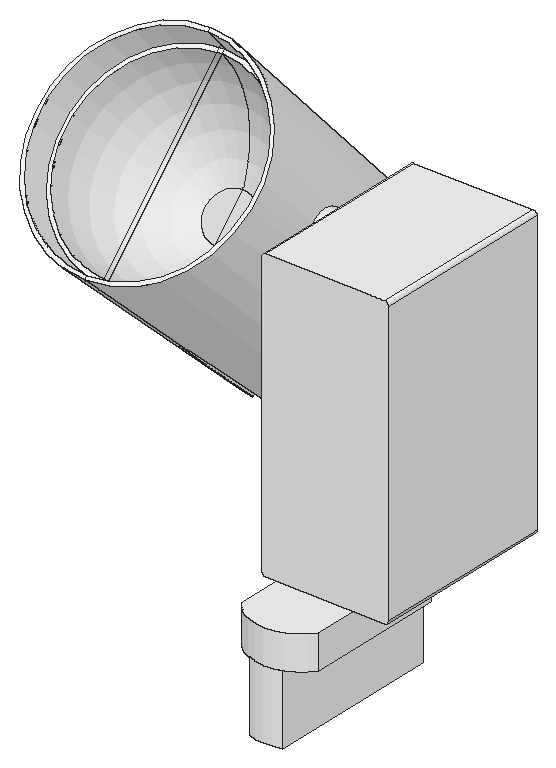
Revit family "0004924 Feilo Sylvania Lighting Fixture START TRACK SPOT S DALI 1262LM 930 WB WHT", category Lighting Fixtures, host Face, Revit 2017 (continued)
Definition of nested family "Start Track Spot Head"
  Types (96, lengths in mm): name | Wattage | built-in parameter 1150134 | Photometric Web File | Model | built-in parameter 1150105 | Lumens | built-in parameter 1150107 | built-in parameter 1150106 | HeadThickness_FEILO | HeadRibOffset_FEILO | HeadRibDepth_FEILO | HeadRibCutWidth_FEILO | HeadRibCutOffset_FEILO | HeadReflectorRadius_FEILO | HeadReflectorOffset_FEILO | HeadLEDRadius_FEILO | HeadHeight_FEILO | HeadDiffusorOffset_FEILO | HeadDiaOut_FEILO | HeadDiaIn_FEILO | HeadAxisFromTop_FEILO | Emit from Circle Diameter | built-in parameter 1150104 | Description | Apparent Load
    0004864 START TRACK SPOT S 24W 3K RA90 WB WHITE | 24 W | (empty or 0) | "0004864.ies" | "START TRACK SPOT S 24W 3K RA90 WB WHITE" | 152.79 (stored number, unit not read) | 1920 lm | 3000 (stored number, unit not read) | 1.5279 (stored number, unit not read) | 1.5 | 4.179 | 55.714 | 7.167 | 50.87 | 50.588 | 55.714 | 9.556 | 117 | 9.435 | 86 | 77.477 | 69.354 | 77.477 | 7.4322 (stored number, unit not read) | "Integrated LED spotlight, Textured White - RAL9016, compact and minimalist design, ideal for retail applications, die-cast aluminium body, passive cooling heatsink. Beam angle: 64°, color temperature: 3000K , total system power: 24W, total fixture output: 1928 lm, LOR: 100%, colour rendering: Ra: 90 typical, LED Chromaticity: 3 step MacAdam ellipse, lifetime: >50000 hours at L70B50, energy class: A++, A+, A, IR/UV free light source without heat radiation, operating voltage: 220-240V / 50-60Hz, drive current: 600mA, electronic driver, non-dimmable, power factor: 0.95, electrical protection: Class II, Global Track 3 Phase adapter suitable for Global trac 3-circuit tracks, ingress protection rating: IP20, suitable for internal environment only, horizontal rotation: 355°, vertical tilt: 90°, dimensions: Ø86x140x200, weight: 0.966kg." | 24 VA
    0004863 START TRACK SPOT S 24W 3K RA90 MB WHITE | 24 W | (empty or 0) | "0004863.ies" | "START TRACK SPOT S 24W 3K RA90 MB WHITE" | 154.7 (stored number, unit not read) | 1944 lm | 3000 (stored number, unit not read) | 1.547 (stored number, unit not read) | 1.5 | 4.179 | 55.714 | 7.167 | 50.87 | 50.588 | 55.714 | 9.556 | 117 | 9.435 | 86 | 77.477 | 69.354 | 77.477 | 7.5251 (stored number, unit not read) | "Integrated LED spotlight, Textured White - RAL9016, compact and minimalist design, ideal for retail applications, die-cast aluminium body, passive cooling heatsink. Beam angle: 36°, color temperature: 3000K , total system power: 24W, total fixture output: 1944 lm, LOR: 100%, colour rendering: Ra: 90 typical, LED Chromaticity: 3 step MacAdam ellipse, lifetime: >50000 hours at L70B50, energy class: A++, A+, A, IR/UV free light source without heat radiation, operating voltage: 220-240V / 50-60Hz, drive current: 600mA, electronic driver, non-dimmable, power factor: 0.95, electrical protection: Class II, Global Track 3 Phase adapter suitable for Global trac 3-circuit tracks, ingress protection rating: IP20, suitable for internal environment only, horizontal rotation: 355°, vertical tilt: 90°, dimensions: Ø86x140x200, weight: 0.966kg." | 24 VA
    0004862 START TRACK SPOT S 24W 3K RA90 NB WHITE | 24 W | (empty or 0) | "0004862.ies" | "START TRACK SPOT S 24W 3K RA90 NB WHITE" | 158.52 (stored number, unit not read) | 1992 lm | 3000 (stored number, unit not read) | 1.5852 (stored number, unit not read) | 1.5 | 4.179 | 55.714 | 7.167 | 50.87 | 50.588 | 55.714 | 9.556 | 117 | 9.435 | 86 | 77.477 | 69.354 | 77.477 | 7.711 (stored number, unit not read) | "Integrated LED spotlight, Textured White - RAL9016, compact and minimalist design, ideal for retail applications, die-cast aluminium body, passive cooling heatsink. Beam angle: 12°, color temperature: 3000K , total system power: 24W, total fixture output: 1987 lm, LOR: 100%, colour rendering: Ra: 90 typical, LED Chromaticity: 3 step MacAdam ellipse, lifetime: >50000 hours at L70B50, energy class: A++, A+, A, IR/UV free light source without heat radiation, operating voltage: 220-240V / 50-60Hz, drive current: 600mA, electronic driver, non-dimmable, power factor: 0.95, electrical protection: Class II, Global Track 3 Phase adapter suitable for Global trac 3-circuit tracks, ingress protection rating: IP20, suitable for internal environment only, horizontal rotation: 355°, vertical tilt: 90°, dimensions: Ø86x140x200, weight: 0.966kg." | 24 VA
    0004861 START TRACK SPOT S 14W 3K RA90 WB WHITE | 14 W | (empty or 0) | "0004861.ies" | "START TRACK SPOT S 14W 3K RA90 WB WHITE" | 100.27 (stored number, unit not read) | 1260 lm | 3000 (stored number, unit not read) | 1.0027 (stored number, unit not read) | 1.5 | 4.179 | 55.714 | 7.167 | 50.87 | 50.588 | 55.714 | 9.556 | 117 | 9.435 | 86 | 77.477 | 69.354 | 77.477 | 8.3613 (stored number, unit not read) | "Integrated LED spotlight, Textured White - RAL9016, compact and minimalist design, ideal for retail applications, die-cast aluminium body, passive cooling heatsink. Beam angle: 64°, color temperature: 3000K , total system power: 14W, total fixture output: 1262 lm, LOR: 100%, colour rendering: Ra: 90 typical, LED Chromaticity: 3 step MacAdam ellipse, lifetime: >50000 hours at L70B50, energy class: A++, A+, A, IR/UV free light source without heat radiation, operating voltage: 220-240V / 50-60Hz, drive current: 350mA, electronic driver, non-dimmable, power factor: 0.92, electrical protection: Class II, Global Track 3 Phase adapter suitable for Global trac 3-circuit tracks, ingress protection rating: IP20, suitable for internal environment only, horizontal rotation: 355°, vertical tilt: 90°, dimensions: Ø86x140x200, weight: 0.940kg." | 14 VA
    0004860 START TRACK SPOT S 14W 3K RA90 MB WHITE | 14 W | (empty or 0) | "0004860.ies" | "START TRACK SPOT S 14W 3K RA90 MB WHITE" | 100.27 (stored number, unit not read) | 1260 lm | 3000 (stored number, unit not read) | 1.0027 (stored number, unit not read) | 1.5 | 4.179 | 55.714 | 7.167 | 50.87 | 50.588 | 55.714 | 9.556 | 117 | 9.435 | 86 | 77.477 | 69.354 | 77.477 | 8.3613 (stored number, unit not read) | "Integrated LED spotlight, Textured White - RAL9016, compact and minimalist design, ideal for retail applications, die-cast aluminium body, passive cooling heatsink. Beam angle: 36°, color temperature: 3000K , total system power: 14W, total fixture output: 1262 lm, LOR: 100%, colour rendering: Ra: 90 typical, LED Chromaticity: 3 step MacAdam ellipse, lifetime: >50000 hours at L70B50, energy class: A++, A+, A, IR/UV free light source without heat radiation, operating voltage: 220-240V / 50-60Hz, drive current: 350mA, electronic driver, non-dimmable, power factor: 0.92, electrical protection: Class II, Global Track 3 Phase adapter suitable for Global trac 3-circuit tracks, ingress protection rating: IP20, suitable for internal environment only, horizontal rotation: 355°, vertical tilt: 90°, dimensions: Ø86x140x200, weight: 0.940kg." | 14 VA
    0004859 START TRACK SPOT S 14W 3K RA90 NB WHITE | 14 W | (empty or 0) | "0004859.ies" | "START TRACK SPOT S 14W 3K RA90 NB WHITE" | 102.5 (stored number, unit not read) | 1288 lm | 3000 (stored number, unit not read) | 1.025 (stored number, unit not read) | 1.5 | 4.179 | 55.714 | 7.167 | 50.87 | 50.588 | 55.714 | 9.556 | 117 | 9.435 | 86 | 77.477 | 69.354 | 77.477 | 8.5471 (stored number, unit not read) | "Integrated LED spotlight, Textured White - RAL9016, compact and minimalist design, ideal for retail applications, die-cast aluminium body, passive cooling heatsink. Beam angle: 12°, color temperature: 3000K , total system power: 14W, total fixture output: 1284 lm, LOR: 100%, colour rendering: Ra: 90 typical, LED Chromaticity: 3 step MacAdam ellipse, lifetime: >50000 hours at L70B50, energy class: A++, A+, A, IR/UV free light source without heat radiation, operating voltage: 220-240V / 50-60Hz, drive current: 350mA, electronic driver, non-dimmable, power factor: 0.92, electrical protection: Class II, Global Track 3 Phase adapter suitable for Global trac 3-circuit tracks, ingress protection rating: IP20, suitable for internal environment only, horizontal rotation: 355°, vertical tilt: 90°, dimensions: Ø86x140x200, weight: 0.940kg." | 14 VA
    0004858 START TRACK SPOT L 55W 4K RA80 WB BLACK | 55 W | 12 | "0004858.ies" | "START TRACK SPOT L 55W 4K RA80 WB BLACK" | 424.55 (stored number, unit not read) | 5335 lm | 4000 (stored number, unit not read) | 4.2455 (stored number, unit not read) | 2 | 4.429 | 59.048 | 9.417 | 53.913 | 66.471 | 59.048 | 12.556 | 124 | 10 | 113 | 101.802 | 73.503 | 101.802 | 9.0116 (stored number, unit not read) | "Integrated LED spotlight, Textured Black - RAL9005, compact and minimalist design, ideal for retail applications, die-cast aluminium body, passive cooling heatsink. Beam angle: 52°, color temperature: 4000K , total system power: 55W, total fixture output: 5320 lm, LOR: 100%, colour rendering: Ra: 80 typical, LED Chromaticity: 3 step MacAdam ellipse, lifetime: >50000 hours at L70B50, energy class: A++, A+, A, IR/UV free light source without heat radiation, operating voltage: 220-240V / 50-60Hz, drive current: 1400mA, electronic driver, non-dimmable, power factor: 0.96, electrical protection: Class II, Global Track 3 Phase adapter suitable for Global trac 3-circuit tracks, ingress protection rating: IP20, suitable for internal environment only, horizontal rotation: 355°, vertical tilt: 90°, dimensions: Ø113x164x240, weight: 1.398kg." | 55 VA
    0004857 START TRACK SPOT L 55W 4K RA80 MB BLACK | 55 W | 12 | "0004857.ies" | "START TRACK SPOT L 55W 4K RA80 MB BLACK" | 428.92 (stored number, unit not read) | 5390 lm | 4000 (stored number, unit not read) | 4.2892 (stored number, unit not read) | 2 | 4.429 | 59.048 | 9.417 | 53.913 | 66.471 | 59.048 | 12.556 | 124 | 10 | 113 | 101.802 | 73.503 | 101.802 | 9.1045 (stored number, unit not read) | "Integrated LED spotlight, Textured Black - RAL9005, compact and minimalist design, ideal for retail applications, die-cast aluminium body, passive cooling heatsink. Beam angle: 38°, color temperature: 4000K , total system power: 55W, total fixture output: 5378 lm, LOR: 100%, colour rendering: Ra: 80 typical, LED Chromaticity: 3 step MacAdam ellipse, lifetime: >50000 hours at L70B50, energy class: A++, A+, A, IR/UV free light source without heat radiation, operating voltage: 220-240V / 50-60Hz, drive current: 1400mA, electronic driver, non-dimmable, power factor: 0.96, electrical protection: Class II, Global Track 3 Phase adapter suitable for Global trac 3-circuit tracks, ingress protection rating: IP20, suitable for internal environment only, horizontal rotation: 355°, vertical tilt: 90°, dimensions: Ø113x164x240, weight: 1.398kg." | 55 VA
    0004856 START TRACK SPOT L 55W 4K RA80 NB BLACK | 55 W | 12 | "0004856.ies" | "START TRACK SPOT L 55W 4K RA80 NB BLACK" | 433.3 (stored number, unit not read) | 5445 lm | 4000 (stored number, unit not read) | 4.333 (stored number, unit not read) | 2 | 4.429 | 59.048 | 9.417 | 53.913 | 66.471 | 59.048 | 12.556 | 124 | 10 | 113 | 101.802 | 73.503 | 101.802 | 9.1974 (stored number, unit not read) | "Integrated LED spotlight, Textured Black - RAL9005, compact and minimalist design, ideal for retail applications, die-cast aluminium body, passive cooling heatsink. Beam angle: 15°, color temperature: 4000K , total system power: 55W, total fixture output: 5426 lm, LOR: 100%, colour rendering: Ra: 80 typical, LED Chromaticity: 3 step MacAdam ellipse, lifetime: >50000 hours at L70B50, energy class: A++, A+, A, IR/UV free light source without heat radiation, operating voltage: 220-240V / 50-60Hz, drive current: 1400mA, electronic driver, non-dimmable, power factor: 0.96, electrical protection: Class II, Global Track 3 Phase adapter suitable for Global trac 3-circuit tracks, ingress protection rating: IP20, suitable for internal environment only, horizontal rotation: 355°, vertical tilt: 90°, dimensions: Ø113x164x240, weight: 1.398kg." | 55 VA
    0004855 START TRACK SPOT L 35W 4K RA80 WB BLACK | 35 W | 12 | "0004855.ies" | "START TRACK SPOT L 35W 4K RA80 WB BLACK" | 320.3 (stored number, unit not read) | 4025 lm | 4000 (stored number, unit not read) | 3.203 (stored number, unit not read) | 2 | 4.429 | 59.048 | 9.417 | 53.913 | 66.471 | 59.048 | 12.556 | 124 | 10 | 113 | 101.802 | 73.503 | 101.802 | 10.684 (stored number, unit not read) | "Integrated LED spotlight, Textured Black - RAL9005, compact and minimalist design, ideal for retail applications, die-cast aluminium body, passive cooling heatsink. Beam angle: 52°, color temperature: 4000K , total system power: 35W, total fixture output: 4010 lm, LOR: 100%, colour rendering: Ra: 80 typical, LED Chromaticity: 3 step MacAdam ellipse, lifetime: >50000 hours at L70B50, energy class: A++, A+, A, IR/UV free light source without heat radiation, operating voltage: 220-240V / 50-60Hz, drive current: 900mA, electronic driver, non-dimmable, power factor: 0.93, electrical protection: Class II, Global Track 3 Phase adapter suitable for Global trac 3-circuit tracks, ingress protection rating: IP20, suitable for internal environment only, horizontal rotation: 355°, vertical tilt: 90°, dimensions: Ø113x164x240, weight: 1.368kg." | 35 VA
    0004854 START TRACK SPOT L 35W 4K RA80 MB BLACK | 35 W | 12 | "0004854.ies" | "START TRACK SPOT L 35W 4K RA80 MB BLACK" | 320.3 (stored number, unit not read) | 4025 lm | 4000 (stored number, unit not read) | 3.203 (stored number, unit not read) | 2 | 4.429 | 59.048 | 9.417 | 53.913 | 66.471 | 59.048 | 12.556 | 124 | 10 | 113 | 101.802 | 73.503 | 101.802 | 10.684 (stored number, unit not read) | "Integrated LED spotlight, Textured Black - RAL9005, compact and minimalist design, ideal for retail applications, die-cast aluminium body, passive cooling heatsink. Beam angle: 38°, color temperature: 4000K , total system power: 35W, total fixture output: 4017 lm, LOR: 100%, colour rendering: Ra: 80 typical, LED Chromaticity: 3 step MacAdam ellipse, lifetime: >50000 hours at L70B50, energy class: A++, A+, A, IR/UV free light source without heat radiation, operating voltage: 220-240V / 50-60Hz, drive current: 900mA, electronic driver, non-dimmable, power factor: 0.93, electrical protection: Class II, Global Track 3 Phase adapter suitable for Global trac 3-circuit tracks, ingress protection rating: IP20, suitable for internal environment only, horizontal rotation: 355°, vertical tilt: 90°, dimensions: Ø113x164x240, weight: 1.368kg." | 35 VA
    0004853 START TRACK SPOT L 35W 4K RA80 NB BLACK | 35 W | 12 | "0004853.ies" | "START TRACK SPOT L 35W 4K RA80 NB BLACK" | 331.44 (stored number, unit not read) | 4165 lm | 4000 (stored number, unit not read) | 3.3144 (stored number, unit not read) | 2 | 4.429 | 59.048 | 9.417 | 53.913 | 66.471 | 59.048 | 12.556 | 124 | 10 | 113 | 101.802 | 73.503 | 101.802 | 11.055 (stored number, unit not read) | "Integrated LED spotlight, Textured Black - RAL9005, compact and minimalist design, ideal for retail applications, die-cast aluminium body, passive cooling heatsink. Beam angle: 15°, color temperature: 4000K , total system power: 35W, total fixture output: 4174 lm, LOR: 100%, colour rendering: Ra: 80 typical, LED Chromaticity: 3 step MacAdam ellipse, lifetime: >50000 hours at L70B50, energy class: A++, A+, A, IR/UV free light source without heat radiation, operating voltage: 220-240V / 50-60Hz, drive current: 900mA, electronic driver, non-dimmable, power factor: 0.93, electrical protection: Class II, Global Track 3 Phase adapter suitable for Global trac 3-circuit tracks, ingress protection rating: IP20, suitable for internal environment only, horizontal rotation: 355°, vertical tilt: 90°, dimensions: Ø113x164x240, weight: 1.368kg." | 35 VA
    0004852 START TRACK SPOT S 24W 4K RA80 WB BLACK | 24 W | 12 | "0004852.ies" | "START TRACK SPOT S 24W 4K RA80 WB BLACK" | 196.72 (stored number, unit not read) | 2472 lm | 4000 (stored number, unit not read) | 1.9672 (stored number, unit not read) | 1.5 | 4.179 | 55.714 | 7.167 | 50.87 | 50.588 | 55.714 | 9.556 | 117 | 9.435 | 86 | 77.477 | 69.354 | 77.477 | 9.569 (stored number, unit not read) | "Integrated LED spotlight, Textured Black - RAL9005, compact and minimalist design, ideal for retail applications, die-cast aluminium body, passive cooling heatsink. Beam angle: 64°, color temperature: 4000K , total system power: 24W, total fixture output: 2476 lm, LOR: 100%, colour rendering: Ra: 80 typical, LED Chromaticity: 3 step MacAdam ellipse, lifetime: >50000 hours at L70B50, energy class: A++, A+, A, IR/UV free light source without heat radiation, operating voltage: 220-240V / 50-60Hz, drive current: 600mA, electronic driver, non-dimmable, power factor: 0.95, electrical protection: Class II, Global Track 3 Phase adapter suitable for Global trac 3-circuit tracks, ingress protection rating: IP20, suitable for internal environment only, horizontal rotation: 355°, vertical tilt: 90°, dimensions: Ø86x140x200, weight: 0.966kg." | 24 VA
    0004851 START TRACK SPOT S 24W 4K RA80 MB BLACK | 24 W | 12 | "0004851.ies" | "START TRACK SPOT S 24W 4K RA80 MB BLACK" | 198.63 (stored number, unit not read) | 2496 lm | 4000 (stored number, unit not read) | 1.9863 (stored number, unit not read) | 1.5 | 4.179 | 55.714 | 7.167 | 50.87 | 50.588 | 55.714 | 9.556 | 117 | 9.435 | 86 | 77.477 | 69.354 | 77.477 | 9.6619 (stored number, unit not read) | "Integrated LED spotlight, Textured Black - RAL9005, compact and minimalist design, ideal for retail applications, die-cast aluminium body, passive cooling heatsink. Beam angle: 36°, color temperature: 4000K , total system power: 24W, total fixture output: 2487 lm, LOR: 100%, colour rendering: Ra: 80 typical, LED Chromaticity: 3 step MacAdam ellipse, lifetime: >50000 hours at L70B50, energy class: A++, A+, A, IR/UV free light source without heat radiation, operating voltage: 220-240V / 50-60Hz, drive current: 600mA, electronic driver, non-dimmable, power factor: 0.95, electrical protection: Class II, Global Track 3 Phase adapter suitable for Global trac 3-circuit tracks, ingress protection rating: IP20, suitable for internal environment only, horizontal rotation: 355°, vertical tilt: 90°, dimensions: Ø86x140x200, weight: 0.966kg." | 24 VA
    0004850 START TRACK SPOT S 24W 4K RA80 NB BLACK | 24 W | 12 | "0004850.ies" | "START TRACK SPOT S 24W 4K RA80 NB BLACK" | 200.54 (stored number, unit not read) | 2520 lm | 4000 (stored number, unit not read) | 2.0054 (stored number, unit not read) | 1.5 | 4.179 | 55.714 | 7.167 | 50.87 | 50.588 | 55.714 | 9.556 | 117 | 9.435 | 86 | 77.477 | 69.354 | 77.477 | 9.7548 (stored number, unit not read) | "Integrated LED spotlight, Textured Black - RAL9005, compact and minimalist design, ideal for retail applications, die-cast aluminium body, passive cooling heatsink. Beam angle: 12°, color temperature: 4000K , total system power: 24W, total fixture output: 2529 lm, LOR: 100%, colour rendering: Ra: 80 typical, LED Chromaticity: 3 step MacAdam ellipse, lifetime: >50000 hours at L70B50, energy class: A++, A+, A, IR/UV free light source without heat radiation, operating voltage: 220-240V / 50-60Hz, drive current: 600mA, electronic driver, non-dimmable, power factor: 0.95, electrical protection: Class II, Global Track 3 Phase adapter suitable for Global trac 3-circuit tracks, ingress protection rating: IP20, suitable for internal environment only, horizontal rotation: 355°, vertical tilt: 90°, dimensions: Ø86x140x200, weight: 0.966kg." | 24 VA
    0004849 START TRACK SPOT S 14W 4K RA80 WB BLACK | 14 W | 12 | "0004849.ies" | "START TRACK SPOT S 14W 4K RA80 WB BLACK" | 123.66 (stored number, unit not read) | 1554 lm | 4000 (stored number, unit not read) | 1.2366 (stored number, unit not read) | 1.5 | 4.179 | 55.714 | 7.167 | 50.87 | 50.588 | 55.714 | 9.556 | 117 | 9.435 | 86 | 77.477 | 69.354 | 77.477 | 10.312 (stored number, unit not read) | "Integrated LED spotlight, Textured Black - RAL9005, compact and minimalist design, ideal for retail applications, die-cast aluminium body, passive cooling heatsink. Beam angle: 64°, color temperature: 4000K , total system power: 14W, total fixture output: 1558 lm, LOR: 100%, colour rendering: Ra: 80 typical, LED Chromaticity: 3 step MacAdam ellipse, lifetime: >50000 hours at L70B50, energy class: A++, A+, A, IR/UV free light source without heat radiation, operating voltage: 220-240V / 50-60Hz, drive current: 350mA, electronic driver, non-dimmable, power factor: 0.92, electrical protection: Class II, Global Track 3 Phase adapter suitable for Global trac 3-circuit tracks, ingress protection rating: IP20, suitable for internal environment only, horizontal rotation: 355°, vertical tilt: 90°, dimensions: Ø86x140x200, weight: 0.940kg." | 14 VA
    0004848 START TRACK SPOT S 14W 4K RA80 MB BLACK | 14 W | 12 | "0004848.ies" | "START TRACK SPOT S 14W 4K RA80 MB BLACK" | 127.01 (stored number, unit not read) | 1596 lm | 4000 (stored number, unit not read) | 1.2701 (stored number, unit not read) | 1.5 | 4.179 | 55.714 | 7.167 | 50.87 | 50.588 | 55.714 | 9.556 | 117 | 9.435 | 86 | 77.477 | 69.354 | 77.477 | 10.591 (stored number, unit not read) | "Integrated LED spotlight, Textured Black - RAL9005, compact and minimalist design, ideal for retail applications, die-cast aluminium body, passive cooling heatsink. Beam angle: 36°, color temperature: 4000K , total system power: 14W, total fixture output: 1598 lm, LOR: 100%, colour rendering: Ra: 80 typical, LED Chromaticity: 3 step MacAdam ellipse, lifetime: >50000 hours at L70B50, energy class: A++, A+, A, IR/UV free light source without heat radiation, operating voltage: 220-240V / 50-60Hz, drive current: 350mA, electronic driver, non-dimmable, power factor: 0.92, electrical protection: Class II, Global Track 3 Phase adapter suitable for Global trac 3-circuit tracks, ingress protection rating: IP20, suitable for internal environment only, horizontal rotation: 355°, vertical tilt: 90°, dimensions: Ø86x140x200, weight: 0.940kg." | 14 VA
    0004847 START TRACK SPOT S 14W 4K RA80 NB BLACK | 14 W | 12 | "0004847.ies" | "START TRACK SPOT S 14W 4K RA80 NB BLACK" | 128.12 (stored number, unit not read) | 1610 lm | 4000 (stored number, unit not read) | 1.2812 (stored number, unit not read) | 1.5 | 4.179 | 55.714 | 7.167 | 50.87 | 50.588 | 55.714 | 9.556 | 117 | 9.435 | 86 | 77.477 | 69.354 | 77.477 | 10.684 (stored number, unit not read) | "Integrated LED spotlight, Textured Black - RAL9005, compact and minimalist design, ideal for retail applications, die-cast aluminium body, passive cooling heatsink. Beam angle: 12°, color temperature: 4000K , total system power: 14W, total fixture output: 1608 lm, LOR: 100%, colour rendering: Ra: 80 typical, LED Chromaticity: 3 step MacAdam ellipse, lifetime: >50000 hours at L70B50, energy class: A++, A+, A, IR/UV free light source without heat radiation, operating voltage: 220-240V / 50-60Hz, drive current: 350mA, electronic driver, non-dimmable, power factor: 0.92, electrical protection: Class II, Global Track 3 Phase adapter suitable for Global trac 3-circuit tracks, ingress protection rating: IP20, suitable for internal environment only, horizontal rotation: 355°, vertical tilt: 90°, dimensions: Ø86x140x200, weight: 0.940kg." | 14 VA
    0004846 START TRACK SPOT L 55W 3K RA80 WB BLACK | 55 W | (empty or 0) | "0004846.ies" | "START TRACK SPOT L 55W 3K RA80 WB BLACK" | 420.17 (stored number, unit not read) | 5280 lm | 3000 (stored number, unit not read) | 4.2017 (stored number, unit not read) | 2 | 4.429 | 59.048 | 9.417 | 53.913 | 66.471 | 59.048 | 12.556 | 124 | 10 | 113 | 101.802 | 73.503 | 101.802 | 8.9187 (stored number, unit not read) | "Integrated LED spotlight, Textured Black - RAL9005, compact and minimalist design, ideal for retail applications, die-cast aluminium body, passive cooling heatsink. Beam angle: 52°, color temperature: 3000K , total system power: 55W, total fixture output: 5298 lm, LOR: 100%, colour rendering: Ra: 80 typical, LED Chromaticity: 3 step MacAdam ellipse, lifetime: >50000 hours at L70B50, energy class: A++, A+, A, IR/UV free light source without heat radiation, operating voltage: 220-240V / 50-60Hz, drive current: 1400mA, electronic driver, non-dimmable, power factor: 0.96, electrical protection: Class II, Global Track 3 Phase adapter suitable for Global trac 3-circuit tracks, ingress protection rating: IP20, suitable for internal environment only, horizontal rotation: 355°, vertical tilt: 90°, dimensions: Ø113x164x240, weight: 1.398kg." | 55 VA
    0004845 START TRACK SPOT L 55W 3K RA80 MB BLACK | 55 W | (empty or 0) | "0004845.ies" | "START TRACK SPOT L 55W 3K RA80 MB BLACK" | 428.92 (stored number, unit not read) | 5390 lm | 3000 (stored number, unit not read) | 4.2892 (stored number, unit not read) | 2 | 4.429 | 59.048 | 9.417 | 53.913 | 66.471 | 59.048 | 12.556 | 124 | 10 | 113 | 101.802 | 73.503 | 101.802 | 9.1045 (stored number, unit not read) | "Integrated LED spotlight, Textured Black - RAL9005, compact and minimalist design, ideal for retail applications, die-cast aluminium body, passive cooling heatsink. Beam angle: 38°, color temperature: 3000K , total system power: 55W, total fixture output: 5381 lm, LOR: 100%, colour rendering: Ra: 80 typical, LED Chromaticity: 3 step MacAdam ellipse, lifetime: >50000 hours at L70B50, energy class: A++, A+, A, IR/UV free light source without heat radiation, operating voltage: 220-240V / 50-60Hz, drive current: 1400mA, electronic driver, non-dimmable, power factor: 0.96, electrical protection: Class II, Global Track 3 Phase adapter suitable for Global trac 3-circuit tracks, ingress protection rating: IP20, suitable for internal environment only, horizontal rotation: 355°, vertical tilt: 90°, dimensions: Ø113x164x240, weight: 1.398kg." | 55 VA
    0004844 START TRACK SPOT L 55W 3K RA80 NB BLACK | 55 W | (empty or 0) | "0004844.ies" | "START TRACK SPOT L 55W 3K RA80 NB BLACK" | 433.3 (stored number, unit not read) | 5445 lm | 3000 (stored number, unit not read) | 4.333 (stored number, unit not read) | 2 | 4.429 | 59.048 | 9.417 | 53.913 | 66.471 | 59.048 | 12.556 | 124 | 10 | 113 | 101.802 | 73.503 | 101.802 | 9.1974 (stored number, unit not read) | "Integrated LED spotlight, Textured Black - RAL9005, compact and minimalist design, ideal for retail applications, die-cast aluminium body, passive cooling heatsink. Beam angle: 15°, color temperature: 3000K , total system power: 55W, total fixture output: 5449 lm, LOR: 100%, colour rendering: Ra: 80 typical, LED Chromaticity: 3 step MacAdam ellipse, lifetime: >50000 hours at L70B50, energy class: A++, A+, A, IR/UV free light source without heat radiation, operating voltage: 220-240V / 50-60Hz, drive current: 1400mA, electronic driver, non-dimmable, power factor: 0.96, electrical protection: Class II, Global Track 3 Phase adapter suitable for Global trac 3-circuit tracks, ingress protection rating: IP20, suitable for internal environment only, horizontal rotation: 355°, vertical tilt: 90°, dimensions: Ø113x164x240, weight: 1.398kg." | 55 VA
    0004843 START TRACK SPOT L 35W 3K RA80 WB BLACK | 35 W | (empty or 0) | "0004843.ies" | "START TRACK SPOT L 35W 3K RA80 WB BLACK" | 314.73 (stored number, unit not read) | 3955 lm | 3000 (stored number, unit not read) | 3.1473 (stored number, unit not read) | 2 | 4.429 | 59.048 | 9.417 | 53.913 | 66.471 | 59.048 | 12.556 | 124 | 10 | 113 | 101.802 | 73.503 | 101.802 | 10.498 (stored number, unit not read) | "Integrated LED spotlight, Textured Black - RAL9005, compact and minimalist design, ideal for retail applications, die-cast aluminium body, passive cooling heatsink. Beam angle: 52°, color temperature: 3000K , total system power: 35W, total fixture output: 3943 lm, LOR: 100%, colour rendering: Ra: 80 typical, LED Chromaticity: 3 step MacAdam ellipse, lifetime: >50000 hours at L70B50, energy class: A++, A+, A, IR/UV free light source without heat radiation, operating voltage: 220-240V / 50-60Hz, drive current: 900mA, electronic driver, non-dimmable, power factor: 0.93, electrical protection: Class II, Global Track 3 Phase adapter suitable for Global trac 3-circuit tracks, ingress protection rating: IP20, suitable for internal environment only, horizontal rotation: 355°, vertical tilt: 90°, dimensions: Ø113x164x240, weight: 1.368kg." | 35 VA
    0004842 START TRACK SPOT L 35W 3K RA80 MB BLACK | 35 W | (empty or 0) | "0004842.ies" | "START TRACK SPOT L 35W 3K RA80 MB BLACK" | 320.3 (stored number, unit not read) | 4025 lm | 3000 (stored number, unit not read) | 3.203 (stored number, unit not read) | 2 | 4.429 | 59.048 | 9.417 | 53.913 | 66.471 | 59.048 | 12.556 | 124 | 10 | 113 | 101.802 | 73.503 | 101.802 | 10.684 (stored number, unit not read) | "Integrated LED spotlight, Textured Black - RAL9005, compact and minimalist design, ideal for retail applications, die-cast aluminium body, passive cooling heatsink. Beam angle: 38°, color temperature: 3000K , total system power: 35W, total fixture output: 4008 lm, LOR: 100%, colour rendering: Ra: 80 typical, LED Chromaticity: 3 step MacAdam ellipse, lifetime: >50000 hours at L70B50, energy class: A++, A+, A, IR/UV free light source without heat radiation, operating voltage: 220-240V / 50-60Hz, drive current: 900mA, electronic driver, non-dimmable, power factor: 0.93, electrical protection: Class II, Global Track 3 Phase adapter suitable for Global trac 3-circuit tracks, ingress protection rating: IP20, suitable for internal environment only, horizontal rotation: 355°, vertical tilt: 90°, dimensions: Ø113x164x240, weight: 1.368kg." | 35 VA
    0004841 START TRACK SPOT L 35W 3K RA80 NB BLACK | 35 W | (empty or 0) | "0004841.ies" | "START TRACK SPOT L 35W 3K RA80 NB BLACK" | 317.51 (stored number, unit not read) | 3990 lm | 3000 (stored number, unit not read) | 3.1751 (stored number, unit not read) | 2 | 4.429 | 59.048 | 9.417 | 53.913 | 66.471 | 59.048 | 12.556 | 124 | 10 | 113 | 101.802 | 73.503 | 101.802 | 10.591 (stored number, unit not read) | "Integrated LED spotlight, Textured Black - RAL9005, compact and minimalist design, ideal for retail applications, die-cast aluminium body, passive cooling heatsink. Beam angle: 15°, color temperature: 3000K , total system power: 35W, total fixture output: 4005 lm, LOR: 100%, colour rendering: Ra: 80 typical, LED Chromaticity: 3 step MacAdam ellipse, lifetime: >50000 hours at L70B50, energy class: A++, A+, A, IR/UV free light source without heat radiation, operating voltage: 220-240V / 50-60Hz, drive current: 900mA, electronic driver, non-dimmable, power factor: 0.93, electrical protection: Class II, Global Track 3 Phase adapter suitable for Global trac 3-circuit tracks, ingress protection rating: IP20, suitable for internal environment only, horizontal rotation: 355°, vertical tilt: 90°, dimensions: Ø113x164x240, weight: 1.368kg." | 35 VA
    0004840 START TRACK SPOT S 24W 3K RA80 WB BLACK | 24 W | (empty or 0) | "0004840.ies" | "START TRACK SPOT S 24W 3K RA80 WB BLACK" | 185.26 (stored number, unit not read) | 2328 lm | 3000 (stored number, unit not read) | 1.8526 (stored number, unit not read) | 1.5 | 4.179 | 55.714 | 7.167 | 50.87 | 50.588 | 55.714 | 9.556 | 117 | 9.435 | 86 | 77.477 | 69.354 | 77.477 | 9.0116 (stored number, unit not read) | "Integrated LED spotlight, Textured Black - RAL9005, compact and minimalist design, ideal for retail applications, die-cast aluminium body, passive cooling heatsink. Beam angle: 64°, color temperature: 3000K , total system power: 24W, total fixture output: 2318 lm, LOR: 100%, colour rendering: Ra: 80 typical, LED Chromaticity: 3 step MacAdam ellipse, lifetime: >50000 hours at L70B50, energy class: A++, A+, A, IR/UV free light source without heat radiation, operating voltage: 220-240V / 50-60Hz, drive current: 600mA, electronic driver, non-dimmable, power factor: 0.95, electrical protection: Class II, Global Track 3 Phase adapter suitable for Global trac 3-circuit tracks, ingress protection rating: IP20, suitable for internal environment only, horizontal rotation: 355°, vertical tilt: 90°, dimensions: Ø86x140x200, weight: 0.966kg." | 24 VA
    0004839 START TRACK SPOT S 24W 3K RA80 MB BLACK | 24 W | (empty or 0) | "0004839.ies" | "START TRACK SPOT S 24W 3K RA80 MB BLACK" | 183.35 (stored number, unit not read) | 2304 lm | 3000 (stored number, unit not read) | 1.8335 (stored number, unit not read) | 1.5 | 4.179 | 55.714 | 7.167 | 50.87 | 50.588 | 55.714 | 9.556 | 117 | 9.435 | 86 | 77.477 | 69.354 | 77.477 | 8.9187 (stored number, unit not read) | "Integrated LED spotlight, Textured Black - RAL9005, compact and minimalist design, ideal for retail applications, die-cast aluminium body, passive cooling heatsink. Beam angle: 36°, color temperature: 3000K , total system power: 24W, total fixture output: 2314 lm, LOR: 100%, colour rendering: Ra: 80 typical, LED Chromaticity: 3 step MacAdam ellipse, lifetime: >50000 hours at L70B50, energy class: A++, A+, A, IR/UV free light source without heat radiation, operating voltage: 220-240V / 50-60Hz, drive current: 600mA, electronic driver, non-dimmable, power factor: 0.95, electrical protection: Class II, Global Track 3 Phase adapter suitable for Global trac 3-circuit tracks, ingress protection rating: IP20, suitable for internal environment only, horizontal rotation: 355°, vertical tilt: 90°, dimensions: Ø86x140x200, weight: 0.966kg." | 24 VA
    0004838 START TRACK SPOT S 24W 3K RA80 NB BLACK | 24 W | (empty or 0) | "0004838.ies" | "START TRACK SPOT S 24W 3K RA80 NB BLACK" | 185.26 (stored number, unit not read) | 2328 lm | 3000 (stored number, unit not read) | 1.8526 (stored number, unit not read) | 1.5 | 4.179 | 55.714 | 7.167 | 50.87 | 50.588 | 55.714 | 9.556 | 117 | 9.435 | 86 | 77.477 | 69.354 | 77.477 | 9.0116 (stored number, unit not read) | "Integrated LED spotlight, Textured Black - RAL9005, compact and minimalist design, ideal for retail applications, die-cast aluminium body, passive cooling heatsink. Beam angle: 12°, color temperature: 3000K , total system power: 24W, total fixture output: 2334 lm, LOR: 100%, colour rendering: Ra: 80 typical, LED Chromaticity: 3 step MacAdam ellipse, lifetime: >50000 hours at L70B50, energy class: A++, A+, A, IR/UV free light source without heat radiation, operating voltage: 220-240V / 50-60Hz, drive current: 600mA, electronic driver, non-dimmable, power factor: 0.95, electrical protection: Class II, Global Track 3 Phase adapter suitable for Global trac 3-circuit tracks, ingress protection rating: IP20, suitable for internal environment only, horizontal rotation: 355°, vertical tilt: 90°, dimensions: Ø86x140x200, weight: 0.966kg." | 24 VA
    0004837 START TRACK SPOT S 14W 3K RA80 WB BLACK | 14 W | (empty or 0) | "0004837.ies" | "START TRACK SPOT S 14W 3K RA80 WB BLACK" | 119.21 (stored number, unit not read) | 1498 lm | 3000 (stored number, unit not read) | 1.1921 (stored number, unit not read) | 1.5 | 4.179 | 55.714 | 7.167 | 50.87 | 50.588 | 55.714 | 9.556 | 117 | 9.435 | 86 | 77.477 | 69.354 | 77.477 | 9.9406 (stored number, unit not read) | "Integrated LED spotlight, Textured Black - RAL9005, compact and minimalist design, ideal for retail applications, die-cast aluminium body, passive cooling heatsink. Beam angle: 64°, color temperature: 3000K , total system power: 14W, total fixture output: 1498 lm, LOR: 100%, colour rendering: Ra: 80 typical, LED Chromaticity: 3 step MacAdam ellipse, lifetime: >50000 hours at L70B50, energy class: A++, A+, A, IR/UV free light source without heat radiation, operating voltage: 220-240V / 50-60Hz, drive current: 350mA, electronic driver, non-dimmable, power factor: 0.92, electrical protection: Class II, Global Track 3 Phase adapter suitable for Global trac 3-circuit tracks, ingress protection rating: IP20, suitable for internal environment only, horizontal rotation: 355°, vertical tilt: 90°, dimensions: Ø86x140x200, weight: 0.940kg." | 14 VA
    0004836 START TRACK SPOT S 14W 3K RA80 MB BLACK | 14 W | (empty or 0) | "0004836.ies" | "START TRACK SPOT S 14W 3K RA80 MB BLACK" | 120.32 (stored number, unit not read) | 1512 lm | 3000 (stored number, unit not read) | 1.2032 (stored number, unit not read) | 1.5 | 4.179 | 55.714 | 7.167 | 50.87 | 50.588 | 55.714 | 9.556 | 117 | 9.435 | 86 | 77.477 | 69.354 | 77.477 | 10.034 (stored number, unit not read) | "Integrated LED spotlight, Textured Black - RAL9005, compact and minimalist design, ideal for retail applications, die-cast aluminium body, passive cooling heatsink. Beam angle: 36°, color temperature: 3000K , total system power: 14W, total fixture output: 1508 lm, LOR: 100%, colour rendering: Ra: 80 typical, LED Chromaticity: 3 step MacAdam ellipse, lifetime: >50000 hours at L70B50, energy class: A++, A+, A, IR/UV free light source without heat radiation, operating voltage: 220-240V / 50-60Hz, drive current: 350mA, electronic driver, non-dimmable, power factor: 0.92, electrical protection: Class II, Global Track 3 Phase adapter suitable for Global trac 3-circuit tracks, ingress protection rating: IP20, suitable for internal environment only, horizontal rotation: 355°, vertical tilt: 90°, dimensions: Ø86x140x200, weight: 0.940kg." | 14 VA
    0004835 START TRACK SPOT S 14W 3K RA80 NB BLACK | 14 W | (empty or 0) | "0004835.ies" | "START TRACK SPOT S 14W 3K RA80 NB BLACK" | 123.66 (stored number, unit not read) | 1554 lm | 3000 (stored number, unit not read) | 1.2366 (stored number, unit not read) | 1.5 | 4.179 | 55.714 | 7.167 | 50.87 | 50.588 | 55.714 | 9.556 | 117 | 9.435 | 86 | 77.477 | 69.354 | 77.477 | 10.312 (stored number, unit not read) | "Integrated LED spotlight, Textured Black - RAL9005, compact and minimalist design, ideal for retail applications, die-cast aluminium body, passive cooling heatsink. Beam angle: 12°, color temperature: 3000K , total system power: 14W, total fixture output: 1551 lm, LOR: 100%, colour rendering: Ra: 80 typical, LED Chromaticity: 3 step MacAdam ellipse, lifetime: >50000 hours at L70B50, energy class: A++, A+, A, IR/UV free light source without heat radiation, operating voltage: 220-240V / 50-60Hz, drive current: 350mA, electronic driver, non-dimmable, power factor: 0.92, electrical protection: Class II, Global Track 3 Phase adapter suitable for Global trac 3-circuit tracks, ingress protection rating: IP20, suitable for internal environment only, horizontal rotation: 355°, vertical tilt: 90°, dimensions: Ø86x140x200, weight: 0.940kg." | 14 VA
    0004834 START TRACK SPOT L 55W 4K RA80 WB WHITE | 55 W | 12 | "0004834.ies" | "START TRACK SPOT L 55W 4K RA80 WB WHITE" | 424.55 (stored number, unit not read) | 5335 lm | 4000 (stored number, unit not read) | 4.2455 (stored number, unit not read) | 2 | 4.429 | 59.048 | 9.417 | 53.913 | 66.471 | 59.048 | 12.556 | 124 | 10 | 113 | 101.802 | 73.503 | 101.802 | 9.0116 (stored number, unit not read) | "Integrated LED spotlight, Textured White - RAL9016, compact and minimalist design, ideal for retail applications, die-cast aluminium body, passive cooling heatsink. Beam angle: 52°, color temperature: 4000K , total system power: 55W, total fixture output: 5320 lm, LOR: 100%, colour rendering: Ra: 80 typical, LED Chromaticity: 3 step MacAdam ellipse, lifetime: >50000 hours at L70B50, energy class: A++, A+, A, IR/UV free light source without heat radiation, operating voltage: 220-240V / 50-60Hz, drive current: 1400mA, electronic driver, non-dimmable, power factor: 0.96, electrical protection: Class II, Global Track 3 Phase adapter suitable for Global trac 3-circuit tracks, ingress protection rating: IP20, suitable for internal environment only, horizontal rotation: 355°, vertical tilt: 90°, dimensions: Ø113x164x240, weight: 1.398kg." | 55 VA
    0004833 START TRACK SPOT L 55W 4K RA80 MB WHITE | 55 W | 12 | "0004833.ies" | "START TRACK SPOT L 55W 4K RA80 MB WHITE" | 428.92 (stored number, unit not read) | 5390 lm | 4000 (stored number, unit not read) | 4.2892 (stored number, unit not read) | 2 | 4.429 | 59.048 | 9.417 | 53.913 | 66.471 | 59.048 | 12.556 | 124 | 10 | 113 | 101.802 | 73.503 | 101.802 | 9.1045 (stored number, unit not read) | "Integrated LED spotlight, Textured White - RAL9016, compact and minimalist design, ideal for retail applications, die-cast aluminium body, passive cooling heatsink. Beam angle: 38°, color temperature: 4000K , total system power: 55W, total fixture output: 5378 lm, LOR: 100%, colour rendering: Ra: 80 typical, LED Chromaticity: 3 step MacAdam ellipse, lifetime: >50000 hours at L70B50, energy class: A++, A+, A, IR/UV free light source without heat radiation, operating voltage: 220-240V / 50-60Hz, drive current: 1400mA, electronic driver, non-dimmable, power factor: 0.96, electrical protection: Class II, Global Track 3 Phase adapter suitable for Global trac 3-circuit tracks, ingress protection rating: IP20, suitable for internal environment only, horizontal rotation: 355°, vertical tilt: 90°, dimensions: Ø113x164x240, weight: 1.398kg." | 55 VA
    0004832 START TRACK SPOT L 55W 4K RA80 NB WHITE | 55 W | 12 | "0004832.ies" | "START TRACK SPOT L 55W 4K RA80 NB WHITE" | 433.3 (stored number, unit not read) | 5445 lm | 4000 (stored number, unit not read) | 4.333 (stored number, unit not read) | 2 | 4.429 | 59.048 | 9.417 | 53.913 | 66.471 | 59.048 | 12.556 | 124 | 10 | 113 | 101.802 | 73.503 | 101.802 | 9.1974 (stored number, unit not read) | "Integrated LED spotlight, Textured White - RAL9016, compact and minimalist design, ideal for retail applications, die-cast aluminium body, passive cooling heatsink. Beam angle: 15°, color temperature: 4000K , total system power: 55W, total fixture output: 5426 lm, LOR: 100%, colour rendering: Ra: 80 typical, LED Chromaticity: 3 step MacAdam ellipse, lifetime: >50000 hours at L70B50, energy class: A++, A+, A, IR/UV free light source without heat radiation, operating voltage: 220-240V / 50-60Hz, drive current: 1400mA, electronic driver, non-dimmable, power factor: 0.96, electrical protection: Class II, Global Track 3 Phase adapter suitable for Global trac 3-circuit tracks, ingress protection rating: IP20, suitable for internal environment only, horizontal rotation: 355°, vertical tilt: 90°, dimensions: Ø113x164x240, weight: 1.398kg." | 55 VA
    0004831 START TRACK SPOT L 35W 4K RA80 WB WHITE | 35 W | 12 | "0004831.ies" | "START TRACK SPOT L 35W 4K RA80 WB WHITE" | 320.3 (stored number, unit not read) | 4025 lm | 4000 (stored number, unit not read) | 3.203 (stored number, unit not read) | 2 | 4.429 | 59.048 | 9.417 | 53.913 | 66.471 | 59.048 | 12.556 | 124 | 10 | 113 | 101.802 | 73.503 | 101.802 | 10.684 (stored number, unit not read) | "Integrated LED spotlight, Textured White - RAL9016, compact and minimalist design, ideal for retail applications, die-cast aluminium body, passive cooling heatsink. Beam angle: 52°, color temperature: 4000K , total system power: 35W, total fixture output: 4010 lm, LOR: 100%, colour rendering: Ra: 80 typical, LED Chromaticity: 3 step MacAdam ellipse, lifetime: >50000 hours at L70B50, energy class: A++, A+, A, IR/UV free light source without heat radiation, operating voltage: 220-240V / 50-60Hz, drive current: 900mA, electronic driver, non-dimmable, power factor: 0.93, electrical protection: Class II, Global Track 3 Phase adapter suitable for Global trac 3-circuit tracks, ingress protection rating: IP20, suitable for internal environment only, horizontal rotation: 355°, vertical tilt: 90°, dimensions: Ø113x164x240, weight: 1.368kg." | 35 VA
    0004830 START TRACK SPOT L 35W 4K RA80 MB WHITE | 35 W | 12 | "0004830.ies" | "START TRACK SPOT L 35W 4K RA80 MB WHITE" | 320.3 (stored number, unit not read) | 4025 lm | 4000 (stored number, unit not read) | 3.203 (stored number, unit not read) | 2 | 4.429 | 59.048 | 9.417 | 53.913 | 66.471 | 59.048 | 12.556 | 124 | 10 | 113 | 101.802 | 73.503 | 101.802 | 10.684 (stored number, unit not read) | "Integrated LED spotlight, Textured White - RAL9016, compact and minimalist design, ideal for retail applications, die-cast aluminium body, passive cooling heatsink. Beam angle: 38°, color temperature: 4000K , total system power: 35W, total fixture output: 4017 lm, LOR: 100%, colour rendering: Ra: 80 typical, LED Chromaticity: 3 step MacAdam ellipse, lifetime: >50000 hours at L70B50, energy class: A++, A+, A, IR/UV free light source without heat radiation, operating voltage: 220-240V / 50-60Hz, drive current: 900mA, electronic driver, non-dimmable, power factor: 0.93, electrical protection: Class II, Global Track 3 Phase adapter suitable for Global trac 3-circuit tracks, ingress protection rating: IP20, suitable for internal environment only, horizontal rotation: 355°, vertical tilt: 90°, dimensions: Ø113x164x240, weight: 1.368kg." | 35 VA
    0004829 START TRACK SPOT L 35W 4K RA80 NB WHITE | 35 W | 12 | "0004829.ies" | "START TRACK SPOT L 35W 4K RA80 NB WHITE" | 331.44 (stored number, unit not read) | 4165 lm | 4000 (stored number, unit not read) | 3.3144 (stored number, unit not read) | 2 | 4.429 | 59.048 | 9.417 | 53.913 | 66.471 | 59.048 | 12.556 | 124 | 10 | 113 | 101.802 | 73.503 | 101.802 | 11.055 (stored number, unit not read) | "Integrated LED spotlight, Textured White - RAL9016, compact and minimalist design, ideal for retail applications, die-cast aluminium body, passive cooling heatsink. Beam angle: 15°, color temperature: 4000K , total system power: 35W, total fixture output: 4174 lm, LOR: 100%, colour rendering: Ra: 80 typical, LED Chromaticity: 3 step MacAdam ellipse, lifetime: >50000 hours at L70B50, energy class: A++, A+, A, IR/UV free light source without heat radiation, operating voltage: 220-240V / 50-60Hz, drive current: 900mA, electronic driver, non-dimmable, power factor: 0.93, electrical protection: Class II, Global Track 3 Phase adapter suitable for Global trac 3-circuit tracks, ingress protection rating: IP20, suitable for internal environment only, horizontal rotation: 355°, vertical tilt: 90°, dimensions: Ø113x164x240, weight: 1.368kg." | 35 VA
    0004828 START TRACK SPOT S 24W 4K RA80 WB WHITE | 24 W | 12 | "0004828.ies" | "START TRACK SPOT S 24W 4K RA80 WB WHITE" | 196.72 (stored number, unit not read) | 2472 lm | 4000 (stored number, unit not read) | 1.9672 (stored number, unit not read) | 1.5 | 4.179 | 55.714 | 7.167 | 50.87 | 50.588 | 55.714 | 9.556 | 117 | 9.435 | 86 | 77.477 | 69.354 | 77.477 | 9.569 (stored number, unit not read) | "Integrated LED spotlight, Textured White - RAL9016, compact and minimalist design, ideal for retail applications, die-cast aluminium body, passive cooling heatsink. Beam angle: 64°, color temperature: 4000K , total system power: 24W, total fixture output: 2476 lm, LOR: 100%, colour rendering: Ra: 80 typical, LED Chromaticity: 3 step MacAdam ellipse, lifetime: >50000 hours at L70B50, energy class: A++, A+, A, IR/UV free light source without heat radiation, operating voltage: 220-240V / 50-60Hz, drive current: 600mA, electronic driver, non-dimmable, power factor: 0.95, electrical protection: Class II, Global Track 3 Phase adapter suitable for Global trac 3-circuit tracks, ingress protection rating: IP20, suitable for internal environment only, horizontal rotation: 355°, vertical tilt: 90°, dimensions: Ø86x140x200, weight: 0.966kg." | 24 VA
    0004827 START TRACK SPOT S 24W 4K RA80 MB WHITE | 24 W | 12 | "0004827.ies" | "START TRACK SPOT S 24W 4K RA80 MB WHITE" | 198.63 (stored number, unit not read) | 2496 lm | 4000 (stored number, unit not read) | 1.9863 (stored number, unit not read) | 1.5 | 4.179 | 55.714 | 7.167 | 50.87 | 50.588 | 55.714 | 9.556 | 117 | 9.435 | 86 | 77.477 | 69.354 | 77.477 | 9.6619 (stored number, unit not read) | "Integrated LED spotlight, Textured White - RAL9016, compact and minimalist design, ideal for retail applications, die-cast aluminium body, passive cooling heatsink. Beam angle: 36°, color temperature: 4000K , total system power: 24W, total fixture output: 2487 lm, LOR: 100%, colour rendering: Ra: 80 typical, LED Chromaticity: 3 step MacAdam ellipse, lifetime: >50000 hours at L70B50, energy class: A++, A+, A, IR/UV free light source without heat radiation, operating voltage: 220-240V / 50-60Hz, drive current: 600mA, electronic driver, non-dimmable, power factor: 0.95, electrical protection: Class II, Global Track 3 Phase adapter suitable for Global trac 3-circuit tracks, ingress protection rating: IP20, suitable for internal environment only, horizontal rotation: 355°, vertical tilt: 90°, dimensions: Ø86x140x200, weight: 0.966kg." | 24 VA
    0004826 START TRACK SPOT S 24W 4K RA80 NB WHITE | 24 W | 12 | "0004826.ies" | "START TRACK SPOT S 24W 4K RA80 NB WHITE" | 200.54 (stored number, unit not read) | 2520 lm | 4000 (stored number, unit not read) | 2.0054 (stored number, unit not read) | 1.5 | 4.179 | 55.714 | 7.167 | 50.87 | 50.588 | 55.714 | 9.556 | 117 | 9.435 | 86 | 77.477 | 69.354 | 77.477 | 9.7548 (stored number, unit not read) | "Integrated LED spotlight, Textured White - RAL9016, compact and minimalist design, ideal for retail applications, die-cast aluminium body, passive cooling heatsink. Beam angle: 12°, color temperature: 4000K , total system power: 24W, total fixture output: 2529 lm, LOR: 100%, colour rendering: Ra: 80 typical, LED Chromaticity: 3 step MacAdam ellipse, lifetime: >50000 hours at L70B50, energy class: A++, A+, A, IR/UV free light source without heat radiation, operating voltage: 220-240V / 50-60Hz, drive current: 600mA, electronic driver, non-dimmable, power factor: 0.95, electrical protection: Class II, Global Track 3 Phase adapter suitable for Global trac 3-circuit tracks, ingress protection rating: IP20, suitable for internal environment only, horizontal rotation: 355°, vertical tilt: 90°, dimensions: Ø86x140x200, weight: 0.966kg." | 24 VA
    0004825 START TRACK SPOT S 14W 4K RA80 WB WHITE | 14 W | 12 | "0004825.ies" | "START TRACK SPOT S 14W 4K RA80 WB WHITE" | 123.66 (stored number, unit not read) | 1554 lm | 4000 (stored number, unit not read) | 1.2366 (stored number, unit not read) | 1.5 | 4.179 | 55.714 | 7.167 | 50.87 | 50.588 | 55.714 | 9.556 | 117 | 9.435 | 86 | 77.477 | 69.354 | 77.477 | 10.312 (stored number, unit not read) | "Integrated LED spotlight, Textured White - RAL9016, compact and minimalist design, ideal for retail applications, die-cast aluminium body, passive cooling heatsink. Beam angle: 64°, color temperature: 4000K , total system power: 14W, total fixture output: 1558 lm, LOR: 100%, colour rendering: Ra: 80 typical, LED Chromaticity: 3 step MacAdam ellipse, lifetime: >50000 hours at L70B50, energy class: A++, A+, A, IR/UV free light source without heat radiation, operating voltage: 220-240V / 50-60Hz, drive current: 350mA, electronic driver, non-dimmable, power factor: 0.92, electrical protection: Class II, Global Track 3 Phase adapter suitable for Global trac 3-circuit tracks, ingress protection rating: IP20, suitable for internal environment only, horizontal rotation: 355°, vertical tilt: 90°, dimensions: Ø86x140x200, weight: 0.940kg." | 14 VA
    0004824 START TRACK SPOT S 14W 4K RA80 MB WHITE | 14 W | 12 | "0004824.ies" | "START TRACK SPOT S 14W 4K RA80 MB WHITE" | 127.01 (stored number, unit not read) | 1596 lm | 4000 (stored number, unit not read) | 1.2701 (stored number, unit not read) | 1.5 | 4.179 | 55.714 | 7.167 | 50.87 | 50.588 | 55.714 | 9.556 | 117 | 9.435 | 86 | 77.477 | 69.354 | 77.477 | 10.591 (stored number, unit not read) | "Integrated LED spotlight, Textured White - RAL9016, compact and minimalist design, ideal for retail applications, die-cast aluminium body, passive cooling heatsink. Beam angle: 36°, color temperature: 4000K , total system power: 14W, total fixture output: 1598 lm, LOR: 100%, colour rendering: Ra: 80 typical, LED Chromaticity: 3 step MacAdam ellipse, lifetime: >50000 hours at L70B50, energy class: A++, A+, A, IR/UV free light source without heat radiation, operating voltage: 220-240V / 50-60Hz, drive current: 350mA, electronic driver, non-dimmable, power factor: 0.92, electrical protection: Class II, Global Track 3 Phase adapter suitable for Global trac 3-circuit tracks, ingress protection rating: IP20, suitable for internal environment only, horizontal rotation: 355°, vertical tilt: 90°, dimensions: Ø86x140x200, weight: 0.940kg." | 14 VA
    0004823 START TRACK SPOT S 14W 4K RA80 NB WHITE | 14 W | 12 | "0004823.ies" | "START TRACK SPOT S 14W 4K RA80 NB WHITE" | 128.12 (stored number, unit not read) | 1610 lm | 4000 (stored number, unit not read) | 1.2812 (stored number, unit not read) | 1.5 | 4.179 | 55.714 | 7.167 | 50.87 | 50.588 | 55.714 | 9.556 | 117 | 9.435 | 86 | 77.477 | 69.354 | 77.477 | 10.684 (stored number, unit not read) | "Integrated LED spotlight, Textured White - RAL9016, compact and minimalist design, ideal for retail applications, die-cast aluminium body, passive cooling heatsink. Beam angle: 12°, color temperature: 4000K , total system power: 14W, total fixture output: 1608 lm, LOR: 100%, colour rendering: Ra: 80 typical, LED Chromaticity: 3 step MacAdam ellipse, lifetime: >50000 hours at L70B50, energy class: A++, A+, A, IR/UV free light source without heat radiation, operating voltage: 220-240V / 50-60Hz, drive current: 350mA, electronic driver, non-dimmable, power factor: 0.92, electrical protection: Class II, Global Track 3 Phase adapter suitable for Global trac 3-circuit tracks, ingress protection rating: IP20, suitable for internal environment only, horizontal rotation: 355°, vertical tilt: 90°, dimensions: Ø86x140x200, weight: 0.940kg." | 14 VA
    0004822 START TRACK SPOT L 55W 3K RA80 WB WHITE | 55 W | (empty or 0) | "0004822.ies" | "START TRACK SPOT L 55W 3K RA80 WB WHITE" | 420.17 (stored number, unit not read) | 5280 lm | 3000 (stored number, unit not read) | 4.2017 (stored number, unit not read) | 2 | 4.429 | 59.048 | 9.417 | 53.913 | 66.471 | 59.048 | 12.556 | 124 | 10 | 113 | 101.802 | 73.503 | 101.802 | 8.9187 (stored number, unit not read) | "Integrated LED spotlight, Textured White - RAL9016, compact and minimalist design, ideal for retail applications, die-cast aluminium body, passive cooling heatsink. Beam angle: 52°, color temperature: 3000K , total system power: 55W, total fixture output: 5298 lm, LOR: 100%, colour rendering: Ra: 80 typical, LED Chromaticity: 3 step MacAdam ellipse, lifetime: >50000 hours at L70B50, energy class: A++, A+, A, IR/UV free light source without heat radiation, operating voltage: 220-240V / 50-60Hz, drive current: 1400mA, electronic driver, non-dimmable, power factor: 0.96, electrical protection: Class II, Global Track 3 Phase adapter suitable for Global trac 3-circuit tracks, ingress protection rating: IP20, suitable for internal environment only, horizontal rotation: 355°, vertical tilt: 90°, dimensions: Ø113x164x240, weight: 1.398kg." | 55 VA
    0004821 START TRACK SPOT L 55W 3K RA80 MB WHITE | 55 W | (empty or 0) | "0004821.ies" | "START TRACK SPOT L 55W 3K RA80 MB WHITE" | 428.92 (stored number, unit not read) | 5390 lm | 3000 (stored number, unit not read) | 4.2892 (stored number, unit not read) | 2 | 4.429 | 59.048 | 9.417 | 53.913 | 66.471 | 59.048 | 12.556 | 124 | 10 | 113 | 101.802 | 73.503 | 101.802 | 9.1045 (stored number, unit not read) | "Integrated LED spotlight, Textured White - RAL9016, compact and minimalist design, ideal for retail applications, die-cast aluminium body, passive cooling heatsink. Beam angle: 38°, color temperature: 3000K , total system power: 55W, total fixture output: 5381 lm, LOR: 100%, colour rendering: Ra: 80 typical, LED Chromaticity: 3 step MacAdam ellipse, lifetime: >50000 hours at L70B50, energy class: A++, A+, A, IR/UV free light source without heat radiation, operating voltage: 220-240V / 50-60Hz, drive current: 1400mA, electronic driver, non-dimmable, power factor: 0.96, electrical protection: Class II, Global Track 3 Phase adapter suitable for Global trac 3-circuit tracks, ingress protection rating: IP20, suitable for internal environment only, horizontal rotation: 355°, vertical tilt: 90°, dimensions: Ø113x164x240, weight: 1.398kg." | 55 VA
    0004820 START TRACK SPOT L 55W 3K RA80 NB WHITE | 55 W | (empty or 0) | "0004820.ies" | "START TRACK SPOT L 55W 3K RA80 NB WHITE" | 433.3 (stored number, unit not read) | 5445 lm | 3000 (stored number, unit not read) | 4.333 (stored number, unit not read) | 2 | 4.429 | 59.048 | 9.417 | 53.913 | 66.471 | 59.048 | 12.556 | 124 | 10 | 113 | 101.802 | 73.503 | 101.802 | 9.1974 (stored number, unit not read) | "Integrated LED spotlight, Textured White - RAL9016, compact and minimalist design, ideal for retail applications, die-cast aluminium body, passive cooling heatsink. Beam angle: 15°, color temperature: 3000K , total system power: 55W, total fixture output: 5449 lm, LOR: 100%, colour rendering: Ra: 80 typical, LED Chromaticity: 3 step MacAdam ellipse, lifetime: >50000 hours at L70B50, energy class: A++, A+, A, IR/UV free light source without heat radiation, operating voltage: 220-240V / 50-60Hz, drive current: 1400mA, electronic driver, non-dimmable, power factor: 0.96, electrical protection: Class II, Global Track 3 Phase adapter suitable for Global trac 3-circuit tracks, ingress protection rating: IP20, suitable for internal environment only, horizontal rotation: 355°, vertical tilt: 90°, dimensions: Ø113x164x240, weight: 1.398kg." | 55 VA
    0004819 START TRACK SPOT L 35W 3K RA80 WB WHITE | 35 W | (empty or 0) | "0004819.ies" | "START TRACK SPOT L 35W 3K RA80 WB WHITE" | 314.73 (stored number, unit not read) | 3955 lm | 3000 (stored number, unit not read) | 3.1473 (stored number, unit not read) | 2 | 4.429 | 59.048 | 9.417 | 53.913 | 66.471 | 59.048 | 12.556 | 124 | 10 | 113 | 101.802 | 73.503 | 101.802 | 10.498 (stored number, unit not read) | "Integrated LED spotlight, Textured White - RAL9016, compact and minimalist design, ideal for retail applications, die-cast aluminium body, passive cooling heatsink. Beam angle: 52°, color temperature: 3000K , total system power: 35W, total fixture output: 3943 lm, LOR: 100%, colour rendering: Ra: 80 typical, LED Chromaticity: 3 step MacAdam ellipse, lifetime: >50000 hours at L70B50, energy class: A++, A+, A, IR/UV free light source without heat radiation, operating voltage: 220-240V / 50-60Hz, drive current: 900mA, electronic driver, non-dimmable, power factor: 0.93, electrical protection: Class II, Global Track 3 Phase adapter suitable for Global trac 3-circuit tracks, ingress protection rating: IP20, suitable for internal environment only, horizontal rotation: 355°, vertical tilt: 90°, dimensions: Ø113x164x240, weight: 1.368kg." | 35 VA
    0004818 START TRACK SPOT L 35W 3K RA80 MB WHITE | 35 W | (empty or 0) | "0004818.ies" | "START TRACK SPOT L 35W 3K RA80 MB WHITE" | 320.3 (stored number, unit not read) | 4025 lm | 3000 (stored number, unit not read) | 3.203 (stored number, unit not read) | 2 | 4.429 | 59.048 | 9.417 | 53.913 | 66.471 | 59.048 | 12.556 | 124 | 10 | 113 | 101.802 | 73.503 | 101.802 | 10.684 (stored number, unit not read) | "Integrated LED spotlight, Textured White - RAL9016, compact and minimalist design, ideal for retail applications, die-cast aluminium body, passive cooling heatsink. Beam angle: 38°, color temperature: 3000K , total system power: 35W, total fixture output: 4008 lm, LOR: 100%, colour rendering: Ra: 80 typical, LED Chromaticity: 3 step MacAdam ellipse, lifetime: >50000 hours at L70B50, energy class: A++, A+, A, IR/UV free light source without heat radiation, operating voltage: 220-240V / 50-60Hz, drive current: 900mA, electronic driver, non-dimmable, power factor: 0.93, electrical protection: Class II, Global Track 3 Phase adapter suitable for Global trac 3-circuit tracks, ingress protection rating: IP20, suitable for internal environment only, horizontal rotation: 355°, vertical tilt: 90°, dimensions: Ø113x164x240, weight: 1.368kg." | 35 VA
    0004817 START TRACK SPOT L 35W 3K RA80 NB WHITE | 35 W | (empty or 0) | "0004817.ies" | "START TRACK SPOT L 35W 3K RA80 NB WHITE" | 317.51 (stored number, unit not read) | 3990 lm | 3000 (stored number, unit not read) | 3.1751 (stored number, unit not read) | 2 | 4.429 | 59.048 | 9.417 | 53.913 | 66.471 | 59.048 | 12.556 | 124 | 10 | 113 | 101.802 | 73.503 | 101.802 | 10.591 (stored number, unit not read) | "Integrated LED spotlight, Textured White - RAL9016, compact and minimalist design, ideal for retail applications, die-cast aluminium body, passive cooling heatsink. Beam angle: 15°, color temperature: 3000K , total system power: 35W, total fixture output: 4005 lm, LOR: 100%, colour rendering: Ra: 80 typical, LED Chromaticity: 3 step MacAdam ellipse, lifetime: >50000 hours at L70B50, energy class: A++, A+, A, IR/UV free light source without heat radiation, operating voltage: 220-240V / 50-60Hz, drive current: 900mA, electronic driver, non-dimmable, power factor: 0.93, electrical protection: Class II, Global Track 3 Phase adapter suitable for Global trac 3-circuit tracks, ingress protection rating: IP20, suitable for internal environment only, horizontal rotation: 355°, vertical tilt: 90°, dimensions: Ø113x164x240, weight: 1.368kg." | 35 VA
    0004816 START TRACK SPOT S 24W 3K RA80 WB WHITE | 24 W | (empty or 0) | "0004816.ies" | "START TRACK SPOT S 24W 3K RA80 WB WHITE" | 185.26 (stored number, unit not read) | 2328 lm | 3000 (stored number, unit not read) | 1.8526 (stored number, unit not read) | 1.5 | 4.179 | 55.714 | 7.167 | 50.87 | 50.588 | 55.714 | 9.556 | 117 | 9.435 | 86 | 77.477 | 69.354 | 77.477 | 9.0116 (stored number, unit not read) | "Integrated LED spotlight, Textured White - RAL9016, compact and minimalist design, ideal for retail applications, die-cast aluminium body, passive cooling heatsink. Beam angle: 64°, color temperature: 3000K , total system power: 24W, total fixture output: 2318 lm, LOR: 100%, colour rendering: Ra: 80 typical, LED Chromaticity: 3 step MacAdam ellipse, lifetime: >50000 hours at L70B50, energy class: A++, A+, A, IR/UV free light source without heat radiation, operating voltage: 220-240V / 50-60Hz, drive current: 600mA, electronic driver, non-dimmable, power factor: 0.95, electrical protection: Class II, Global Track 3 Phase adapter suitable for Global trac 3-circuit tracks, ingress protection rating: IP20, suitable for internal environment only, horizontal rotation: 355°, vertical tilt: 90°, dimensions: Ø86x140x200, weight: 0.966kg." | 24 VA
    0004815 START TRACK SPOT S 24W 3K RA80 MB WHITE | 24 W | (empty or 0) | "0004815.ies" | "START TRACK SPOT S 24W 3K RA80 MB WHITE" | 183.35 (stored number, unit not read) | 2304 lm | 3000 (stored number, unit not read) | 1.8335 (stored number, unit not read) | 1.5 | 4.179 | 55.714 | 7.167 | 50.87 | 50.588 | 55.714 | 9.556 | 117 | 9.435 | 86 | 77.477 | 69.354 | 77.477 | 8.9187 (stored number, unit not read) | "Integrated LED spotlight, Textured White - RAL9016, compact and minimalist design, ideal for retail applications, die-cast aluminium body, passive cooling heatsink. Beam angle: 36°, color temperature: 3000K , total system power: 24W, total fixture output: 2314 lm, LOR: 100%, colour rendering: Ra: 80 typical, LED Chromaticity: 3 step MacAdam ellipse, lifetime: >50000 hours at L70B50, energy class: A++, A+, A, IR/UV free light source without heat radiation, operating voltage: 220-240V / 50-60Hz, drive current: 600mA, electronic driver, non-dimmable, power factor: 0.95, electrical protection: Class II, Global Track 3 Phase adapter suitable for Global trac 3-circuit tracks, ingress protection rating: IP20, suitable for internal environment only, horizontal rotation: 355°, vertical tilt: 90°, dimensions: Ø86x140x200, weight: 0.966kg." | 24 VA
    0004814 START TRACK SPOT S 24W 3K RA80 NB WHITE | 24 W | (empty or 0) | "0004814.ies" | "START TRACK SPOT S 24W 3K RA80 NB WHITE" | 185.26 (stored number, unit not read) | 2328 lm | 3000 (stored number, unit not read) | 1.8526 (stored number, unit not read) | 1.5 | 4.179 | 55.714 | 7.167 | 50.87 | 50.588 | 55.714 | 9.556 | 117 | 9.435 | 86 | 77.477 | 69.354 | 77.477 | 9.0116 (stored number, unit not read) | "Integrated LED spotlight, Textured White - RAL9016, compact and minimalist design, ideal for retail applications, die-cast aluminium body, passive cooling heatsink. Beam angle: 12°, color temperature: 3000K , total system power: 24W, total fixture output: 2334 lm, LOR: 100%, colour rendering: Ra: 80 typical, LED Chromaticity: 3 step MacAdam ellipse, lifetime: >50000 hours at L70B50, energy class: A++, A+, A, IR/UV free light source without heat radiation, operating voltage: 220-240V / 50-60Hz, drive current: 600mA, electronic driver, non-dimmable, power factor: 0.95, electrical protection: Class II, Global Track 3 Phase adapter suitable for Global trac 3-circuit tracks, ingress protection rating: IP20, suitable for internal environment only, horizontal rotation: 355°, vertical tilt: 90°, dimensions: Ø86x140x200, weight: 0.966kg." | 24 VA
    0004813 START TRACK SPOT S 14W 3K RA80 WB WHITE | 14 W | (empty or 0) | "0004813.ies" | "START TRACK SPOT S 14W 3K RA80 WB WHITE" | 119.21 (stored number, unit not read) | 1498 lm | 3000 (stored number, unit not read) | 1.1921 (stored number, unit not read) | 1.5 | 4.179 | 55.714 | 7.167 | 50.87 | 50.588 | 55.714 | 9.556 | 117 | 9.435 | 86 | 77.477 | 69.354 | 77.477 | 9.9406 (stored number, unit not read) | "Integrated LED spotlight, Textured White - RAL9016, compact and minimalist design, ideal for retail applications, die-cast aluminium body, passive cooling heatsink. Beam angle: 64°, color temperature: 3000K , total system power: 14W, total fixture output: 1498 lm, LOR: 100%, colour rendering: Ra: 80 typical, LED Chromaticity: 3 step MacAdam ellipse, lifetime: >50000 hours at L70B50, energy class: A++, A+, A, IR/UV free light source without heat radiation, operating voltage: 220-240V / 50-60Hz, drive current: 350mA, electronic driver, non-dimmable, power factor: 0.92, electrical protection: Class II, Global Track 3 Phase adapter suitable for Global trac 3-circuit tracks, ingress protection rating: IP20, suitable for internal environment only, horizontal rotation: 355°, vertical tilt: 90°, dimensions: Ø86x140x200, weight: 0.940kg." | 14 VA
